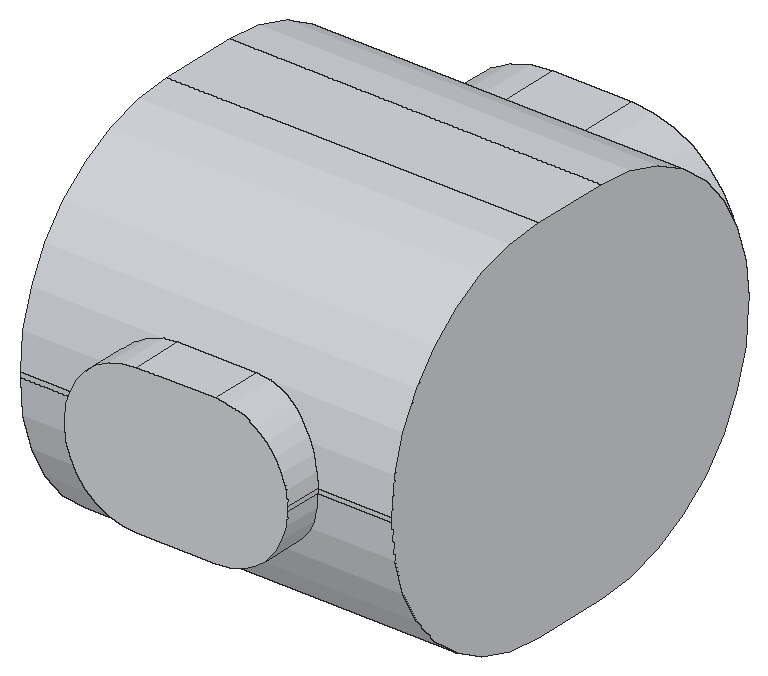
Revit family "M_Cruzamento oval - Reto", category Conexões de duto, Revit 2019
Family settings
  Cota do conector redondo = Utilizar diâmetro
  Tipo de parte = Cruzeta
  Número OmniClass = 23.75.70.14
  Título OmniClass = Air Ductwork
  ID de item do Seek = Oval Cross - Straight-0000-CAN-ENU
  Com base no plano de trabalho = Não
  Sempre na vertical = Sim
  Corte com vazios quando carregada = Não
  Compartilhado = Não
Parameters (values of type "Padrão")
  Comprimento do rebaixo [instance] = 25 mm
  Largura do duto 4 [instance] = 200 mm
  Largura do duto 3 [instance] = 150 mm
  Largura do duto 2 [instance] = Largura do duto 1  # 300 mm
  Largura do duto 1 [instance] = 300 mm
  Comprimento do duto 2 [instance] = 0.5 * Largura do duto 1 + Comprimento do rebaixo  # 175 mm
  Comprimento do duto 1 [instance] = if(Largura do duto 3 > Largura do duto 4, (Largura do duto 3 + 2 * Comprimento do rebaixo), (Largura do duto 4 + 2 * Comprimento do rebaixo))  # 250 mm
  Altura do duto 4 [instance] = 150 mm
  Altura do duto 3 [instance] = 100 mm
  Altura do duto 2 [instance] = Altura do duto 1  # 250 mm
  Altura do duto 1 [instance] = 250 mm
Reference planes
  plane 1 "Centro (Frente/Trás)": y = 0
  plane 2: z = 0
  plane 3 "Centro (Esquerda/Direita)": x = 0
  plane 4: y = 175
  plane 5: y = -175
  plane 6: x = -125
  plane 7: x = 125
Forms (mm)
  Sweep 1, solid, detail levels medium+fine
    path in 3D
      loop
        line (-125, 0, 0) -> (125, 0, 0)
    profile "M_Duto - Oval : Duto - Oval 1" origin (0, 0, 0) x (0, 1, 0) y (0, 0, 1)
      loop
        line (-150, 1.588) -> (-150, -1.587)
        arc (-150, -1.587) -> (-113.853, -88.853) -> (-26.587, -125) r 123.413
        line (-26.587, -125) -> (26.588, -125)
        arc (26.588, -125) -> (113.853, -88.853) -> (150, -1.587) r 123.413
        line (150, -1.587) -> (150, 1.587)
        arc (150, 1.587) -> (113.853, 88.853) -> (26.588, 125) r 123.413
        line (26.588, 125) -> (-26.588, 125)
        arc (-26.588, 125) -> (-113.853, 88.853) -> (-150, 1.588) r 123.413
  Sweep 2, solid, detail levels medium+fine
    path in 3D
      loop
        line (0, 175, 0) -> (0, 0, 0)
    profile "M_Duto - Oval : Duto - Oval 3" origin (0, 87.5, 0) x (1, 0, 0) y (0, 0, 1)
      loop
        line (-100, 1.588) -> (-100, -1.587)
        arc (-100, -1.587) -> (-78.498, -53.498) -> (-26.587, -75) r 73.413
        line (-26.587, -75) -> (26.588, -75)
        arc (26.588, -75) -> (78.498, -53.498) -> (100, -1.587) r 73.413
        line (100, -1.587) -> (100, 1.587)
        arc (100, 1.587) -> (78.498, 53.498) -> (26.588, 75) r 73.413
        line (26.588, 75) -> (-26.588, 75)
        arc (-26.588, 75) -> (-78.498, 53.498) -> (-100, 1.588) r 73.413
  Sweep 3, solid, detail levels medium+fine
    path in 3D
      loop
        line (0, 0, 0) -> (0, -175, 0)
    profile "M_Duto - Oval : Duto - Oval 2" origin (0, -87.5, 0) x (1, 0, 0) y (0, 0, 1)
      loop
        line (-75, 1.588) -> (-75, -1.587)
        arc (-75, -1.587) -> (-60.82, -35.82) -> (-26.587, -50) r 48.413
        line (-26.587, -50) -> (26.588, -50)
        arc (26.588, -50) -> (60.82, -35.82) -> (75, -1.587) r 48.413
        line (75, -1.587) -> (75, 1.587)
        arc (75, 1.587) -> (60.82, 35.82) -> (26.588, 50) r 48.413
        line (26.588, 50) -> (-26.587, 50)
        arc (-26.587, 50) -> (-60.82, 35.82) -> (-75, 1.588) r 48.413
Cuts and joins
  joined: Sweep 1, Sweep 2, Sweep 3
Lines and regions (mm)
  model lines, detail levels coarse
    curve 1: line (-125, 0, 0) -> (125, 0, 0)
    curve 2: line (0, 175, 0) -> (0, 0, 0)
    curve 3: line (0, 0, 0) -> (0, -175, 0)
  sketch lines
    curve 4: line (-125, 0, 0) -> (125, 0, 0)
    curve 5: line (0, 175, 0) -> (0, 0, 0)
    curve 6: line (0, 0, 0) -> (0, -175, 0)
Dimensions and locks
  equal spacing: plane 6, plane 3 "Centro (Esquerda/Direita)", plane 7
  "Comprimento do duto 1": plane 6 to plane 7
  "Comprimento do duto 2": plane 1 "Centro (Frente/Trás)" to plane 4
  "Comprimento do duto 2": plane 5 to plane 1 "Centro (Frente/Trás)"
  aligned and locked: plane 1 "Centro (Frente/Trás)" to curve 1
  aligned and locked: plane 6 to curve 1
  aligned and locked: plane 7 to curve 1
  aligned and locked: curve 2 to plane 3 "Centro (Esquerda/Direita)"
  aligned and locked: plane 4 to curve 2
  aligned and locked: plane 1 "Centro (Frente/Trás)" to curve 2
  aligned and locked: curve 3 to plane 3 "Centro (Esquerda/Direita)"
  aligned and locked: plane 5 to curve 3
Connectors
  hvac at (-125, 0, 0), driven by "Altura do duto 1", driven by "Largura do duto 1"
    settings: on cut or joined group of Sweep 1, Sweep 2, Sweep 3, index 1, duct flow 0.0 L/s, flow factor 0, pres drop 0.0 Pa, loss coef 0, conn angle 0.00°, conn width 300 mm, conn height 250 mm, conn diameter 609.6 mm, duct sys type 28, conn prof type 2, flow config 0, flow direction 0, loss method 0, conn ref index 2, conn util no, is conn primary yes, conn desc ""
  hvac at (125, 0, 0), driven by "Altura do duto 1", driven by "Largura do duto 1"
    settings: on cut or joined group of Sweep 1, Sweep 2, Sweep 3, index 2, duct flow 0.0 L/s, flow factor 0, pres drop 0.0 Pa, loss coef 0, conn angle 0.00°, conn width 300 mm, conn height 250 mm, conn diameter 609.6 mm, duct sys type 28, conn prof type 2, flow config 0, flow direction 0, loss method 0, conn ref index 1, conn util no, is conn primary no, conn desc ""
  hvac at (0, -175, 0), driven by "Altura do duto 3", driven by "Largura do duto 3"
    settings: on cut or joined group of Sweep 1, Sweep 2, Sweep 3, index 3, duct flow 0.0 L/s, flow factor 0, pres drop 0.0 Pa, loss coef 0, conn angle 0.00°, conn width 150 mm, conn height 100 mm, conn diameter 609.6 mm, duct sys type 28, conn prof type 2, flow config 0, flow direction 0, loss method 0, conn ref index 4, conn util no, is conn primary no, conn desc ""
  hvac at (0, 175, 0), driven by "Altura do duto 4", driven by "Largura do duto 4"
    settings: on cut or joined group of Sweep 1, Sweep 2, Sweep 3, index 4, duct flow 0.0 L/s, flow factor 0, pres drop 0.0 Pa, loss coef 0, conn angle 0.00°, conn width 200 mm, conn height 150 mm, conn diameter 609.6 mm, duct sys type 28, conn prof type 2, flow config 0, flow direction 0, loss method 0, conn ref index 3, conn util no, is conn primary no, conn desc ""
